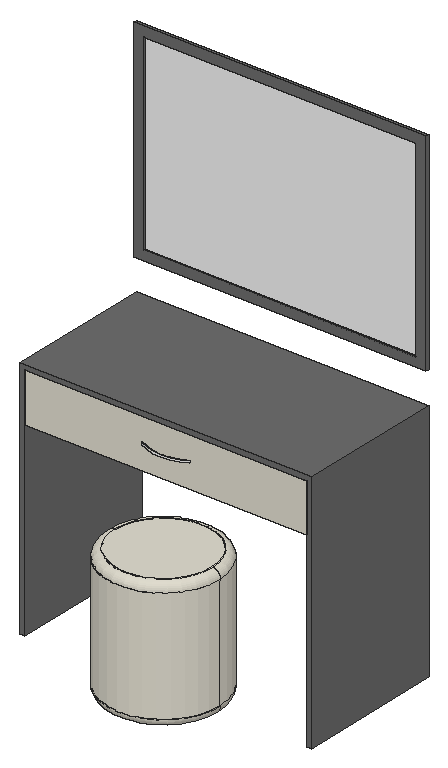
Revit family "Туалетный столик", category Мебель, Revit 2019
Family settings
  Номер OmniClass = 23.40.20.00
  Заголовок OmniClass = General Furniture and Specialties
  На основе рабочей плоскости = Нет
  Всегда вертикально = Да
  При загрузке вырезать с полостями = Нет
  Общий = Нет
  Точка расчета площади = Нет
Parameters
  Ширина [instance] = 900 mm
  Материал столик/пуф = Материал туалетный столик (пуф й столик)
  Материал корпус = Материал туалетный столик (корпус)
  Материал зеркало = Материал туалетный столик (зеркало)
  Изготовитель = "Литвинчук Артур"
  Глубина [instance] = 450 mm
  Высота шухляды [instance] = 150 mm
  Высота зеркала [instance] = 650 mm
  Высота [instance] = 750 mm
  URL = "lytvynchukartur@gmail.com"
  2 столика 2 ручки [instance] = no
  1 столик 2 ручки [instance] = no
  1 столик 1 ручка [instance] = yes
Reference planes
  plane 1 "По центру (Вперед/Назад)": y = 0
  plane 2: z = 0
  plane 3 "По центру (Влево/Вправо)": x = 0
  plane 4: x = 900
  plane 5: z = 750
  plane 6: x = 885
  plane 7: x = 15
  plane 8: z = 735
  plane 9: y = -450
  plane 10: y = -15
  plane 11: z = 585
  plane 12: y = -435
  plane 13: z = 600
  plane 14: x = 450
  plane 15: z = 850
  plane 16: z = 1500
  plane 17: z = 1470
  plane 18 "По центру Л/Р": x = 30
  plane 19: x = 870
  plane 20: z = 880
  plane 21: z = 485
  plane 22: y = -10
  plane 23 "По центру Л/С": y = -5
  plane 24: z = 660
  plane 25: z = 663
  plane 26: z = 657
  plane 27: x = 451
  plane 28: x = 449
  plane 29: x = 232
  plane 30: x = 668
Forms (mm)
  Extrusion 1, solid, material "Материал туалетный столик (корпус)" <- "Материал корпус"
    sketch origin (0, 0, 0) x (1, 0, 0) y (0, 0, 1)
      loop
        line (0, 0) -> (15, 0) -> (15, 735) -> (885, 735) -> (885, 0) -> (900, 0) -> (900, 750) -> (0, 750) -> (0, 0)
    from 0 to 450
  Extrusion 2, solid, material "Материал туалетный столик (корпус)" <- "Материал корпус"
    sketch origin (0, 0, 0) x (1, 0, 0) y (0, 0, 1)
      loop
        line (15, 600) -> (15, 585) -> (885, 585) -> (885, 600) -> (15, 600)
    from 15 to 435
  Extrusion 3, solid, material "Материал туалетный столик (пуф й столик)" <- "Материал столик/пуф", visible <- "1 столик 1 ручка"
    sketch origin (0, 0, 0) x (1, 0, 0) y (0, 0, 1)
      loop
        line (15, 585) -> (885, 585) -> (885, 735) -> (15, 735) -> (15, 585)
    from 435 to 450
  Extrusion 4, solid, material "Материал туалетный столик (корпус)" <- "Материал корпус"
    sketch origin (0, 0, 0) x (1, 0, 0) y (0, 0, 1)
      loop
        line (0, 1500) -> (0, 850) -> (900, 850) -> (900, 1500) -> (0, 1500)
      loop
        line (30, 1470) -> (30, 880) -> (870, 880) -> (870, 1470) -> (30, 1470)
    from 0 to 10
  Extrusion 5, solid, material "Материал туалетный столик (корпус)" <- "Материал корпус"
    sketch origin (100, 0, 0) x (1, 0, 0) y (0, 0, 1)
      loop
        line (-85, 735) -> (-85, 485) -> (785, 485) -> (785, 735) -> (-85, 735)
    from 0 to 15
  Extrusion 6, solid, material "Материал туалетный столик (зеркало)" <- "Материал зеркало"
    sketch origin (0, 0, 0) x (1, 0, 0) y (0, 0, 1)
      loop
        line (30, 1470) -> (30, 880) -> (870, 880) -> (870, 1470) -> (30, 1470)
    from 0 to 5
  Extrusion 7, solid, material "Материал туалетный столик (зеркало)", visible <- "1 столик 1 ручка"
    sketch origin (-229.859, 54.158, 0) x (1, 0, 0) y (0, 1, 0)
      loop
        arc (606.359, -504.158) -> (679.859, -525.001) -> (753.359, -504.158) r 140.016
        line (753.359, -504.158) -> (748.359, -504.158)
        arc (748.359, -504.158) -> (679.859, -522.644) -> (611.359, -504.158) r 136.155
        line (611.359, -504.158) -> (606.359, -504.158)
    from 657 to 663
  Extrusion 8, solid, material "Материал туалетный столик (пуф й столик)" <- "Материал столик/пуф", visible <- "1 столик 2 ручки"
    sketch origin (1050, 0, 0) x (1, 0, 0) y (0, 0, 1)
      loop
        line (-1035, 585) -> (-165, 585) -> (-165, 735) -> (-1035, 735) -> (-1035, 585)
    from 435 to 450
  Extrusion 9, solid, material "Материал туалетный столик (зеркало)", visible <- "1 столик 2 ручки"
    sketch origin (-447.859, 54.158, 0) x (1, 0, 0) y (0, 1, 0)
      loop
        arc (604.859, -504.158) -> (679.859, -525.794) -> (754.859, -504.158) r 140.809
        line (754.859, -504.158) -> (749.859, -504.158)
        arc (749.859, -504.158) -> (679.859, -523.405) -> (609.859, -504.158) r 136.916
        line (609.859, -504.158) -> (604.859, -504.158)
    from 657 to 663
  Extrusion 10, solid, material "Материал туалетный столик (зеркало)", visible <- "1 столик 2 ручки"
    sketch origin (1347.859, 54.158, 0) x (-1, 0, 0) y (0, -1, 0)
      loop
        line (604.859, 504.158) -> (609.859, 504.158)
        arc (609.859, 504.158) -> (679.859, 523.405) -> (749.859, 504.158) r 136.916
        line (749.859, 504.158) -> (754.859, 504.158)
        arc (754.859, 504.158) -> (679.859, 525.794) -> (604.859, 504.158) r 140.809
    from 657 to 663
  Extrusion 11, solid, material "Материал туалетный столик (пуф й столик)" <- "Материал столик/пуф", visible <- "2 столика 2 ручки"
    sketch origin (1050, 0, 0) x (1, 0, 0) y (0, 0, 1)
      loop
        line (-1035, 585) -> (-601, 585) -> (-601, 735) -> (-1035, 735) -> (-1035, 585)
    from 435 to 450
  Extrusion 12, solid, material "Материал туалетный столик (зеркало)", visible <- "2 столика 2 ручки"
    sketch origin (-448.609, 54.158, 0) x (1, 0, 0) y (0, 1, 0)
      loop
        arc (605.609, -504.158) -> (680.609, -525.794) -> (755.609, -504.158) r 140.809
        line (755.609, -504.158) -> (750.609, -504.158)
        arc (750.609, -504.158) -> (680.609, -523.405) -> (610.609, -504.158) r 136.916
        line (610.609, -504.158) -> (605.609, -504.158)
    from 657 to 663
  Extrusion 13, solid, material "Материал туалетный столик (зеркало)", visible <- "2 столика 2 ручки"
    sketch origin (1348.609, 54.158, 0) x (-1, 0, 0) y (0, -1, 0)
      loop
        line (605.609, 504.158) -> (610.609, 504.158)
        arc (610.609, 504.158) -> (680.609, 523.405) -> (750.609, 504.158) r 136.916
        line (750.609, 504.158) -> (755.609, 504.158)
        arc (755.609, 504.158) -> (680.609, 525.794) -> (605.609, 504.158) r 140.809
    from 657 to 663
  Extrusion 14, solid, material "Материал туалетный столик (пуф й столик)" <- "Материал столик/пуф", visible <- "2 столика 2 ручки"
    sketch origin (1487.5, 0, 0) x (1, 0, 0) y (0, 0, 1)
      loop
        line (-1036.5, 585) -> (-602.5, 585) -> (-602.5, 735) -> (-1036.5, 735) -> (-1036.5, 585)
    from 435 to 450
  Blend 15, solid, material "Материал туалетный столик (пуф й столик)" <- "Материал столик/пуф", not visible
    base sketch origin (0, 259.315, 0) x (1, 0, 0) y (0, 1, 0)
      loop
        circle (450, -759.422) r 150
    top sketch origin (0, 259.315, 0) x (1, 0, 0) y (0, 1, 0)
      loop
        circle (450, -759.422) r 175
    from 0 to 25
  Extrusion 16, solid, material "Материал туалетный столик (пуф й столик)" <- "Материал столик/пуф", not visible
    sketch origin (-1, 182.645, 0) x (1, 0, 0) y (0, 1, 0)
      loop
        circle (451, -682.755) r 175
    from 25 to 375
  Blend 17, solid, material "Материал туалетный столик (пуф й столик)" <- "Материал столик/пуф", not visible
    base sketch origin (0, 259.315, 375) x (0, -1, 0) y (1, 0, 0)
      loop
        circle (759.422, 450) r 150
    top sketch origin (0, 259.315, 375) x (0, -1, 0) y (1, 0, 0)
      loop
        circle (759.422, 450) r 175
    from 25 to 0
  Revolve 18, solid, material "Материал туалетный столик (пуф й столик)" <- "Материал столик/пуф", not visible
    sketch origin (0, -500.107, 45.506) x (1, 0, 0) y (0, 0, -1)
      loop
        arc (275, -329.494) -> (282.322, -347.172) -> (300, -354.494) r 25
        line (300, -354.494) -> (275, -329.494)
      axis (450, -354.494) -> (450, -329.494)
    angle from 0 to 360
  Revolve 19, solid, material "Материал туалетный столик (пуф й столик)" <- "Материал столик/пуф", not visible
    sketch origin (0, -500.107, 354.494) x (1, 0, 0) y (0, 0, -1)
      loop
        line (275, 329.494) -> (300, 354.494)
        arc (300, 354.494) -> (282.322, 347.172) -> (275, 329.494) r 25
      axis (450, 354.494) -> (450, 329.494)
    angle from 0 to 360
  Blend 20, solid, material "Материал туалетный столик (пуф й столик)" <- "Материал столик/пуф"
    base sketch origin (0, 299.315, 0) x (1, 0, 0) y (0, 1, 0)
      loop
        circle (450, -759.422) r 150
    top sketch origin (0, 299.315, 0) x (1, 0, 0) y (0, 1, 0)
      loop
        circle (450, -759.422) r 175
    from 0 to 25
  Extrusion 21, solid, material "Материал туалетный столик (пуф й столик)" <- "Материал столик/пуф"
    sketch origin (-1, 222.645, 0) x (1, 0, 0) y (0, 1, 0)
      loop
        circle (451, -682.755) r 175
    from 25 to 375
  Blend 22, solid, material "Материал туалетный столик (пуф й столик)" <- "Материал столик/пуф"
    base sketch origin (0, 299.315, 375) x (0, -1, 0) y (1, 0, 0)
      loop
        circle (759.422, 450) r 150
    top sketch origin (0, 299.315, 375) x (0, -1, 0) y (1, 0, 0)
      loop
        circle (759.422, 450) r 175
    from 25 to 0
  Revolve 23, solid, material "Материал туалетный столик (пуф й столик)" <- "Материал столик/пуф"
    sketch origin (0, -460.107, 45.506) x (1, 0, 0) y (0, 0, -1)
      loop
        arc (275, -329.494) -> (282.322, -347.172) -> (300, -354.494) r 25
        line (300, -354.494) -> (275, -329.494)
      axis (450, -354.494) -> (450, -329.494)
    angle from 0 to 360
  Revolve 24, solid, material "Материал туалетный столик (пуф й столик)" <- "Материал столик/пуф"
    sketch origin (0, -460.107, 354.494) x (1, 0, 0) y (0, 0, -1)
      loop
        line (275, 329.494) -> (300, 354.494)
        arc (300, 354.494) -> (282.322, 347.172) -> (275, 329.494) r 25
      axis (450, 354.494) -> (450, 329.494)
    angle from 0 to 360
Dimensions and locks
  "Ширина": plane 4 to plane 3 "По центру (Влево/Вправо)"
  "Высота": plane 5 to plane 2
  locked: plane 3 "По центру (Влево/Вправо)" to plane 7 at 15
  locked: plane 6 to plane 4 at 15
  locked: plane 5 to plane 8 at 15
  "Глубина": plane 1 "По центру (Вперед/Назад)" to plane 9
  "Высота шухляды": plane 8 to plane 11
  locked: plane 12 to plane 9 at 15
  locked: plane 13 to plane 11 at 15
  equal spacing: plane 4, plane 14, plane 3 "По центру (Влево/Вправо)"
  locked: plane 15 to plane 5 at 100
  "Высота зеркала": plane 16 to plane 15
  locked: plane 18 "По центру Л/Р" to plane 3 "По центру (Влево/Вправо)" at 30
  locked: plane 19 to plane 4 at 30
  locked: plane 16 to plane 17 at 30
  locked: plane 20 to plane 15 at 30
  locked: plane 11 to plane 21 at 100
  plane 10 to plane 22 to plane 23 "По центру Л/С" to plane 1 "По центру (Вперед/Назад)" = 5 mm locked, 5 mm locked, 5 mm locked
  equal spacing: plane 8, plane 24, plane 11
  plane 25 to plane 24 to plane 26 = 3 mm locked, 3 mm locked
  plane 14 to Extrusion 7 = 73.5 mm
  equal spacing: plane 28, plane 29, plane 7
  equal spacing: plane 27, plane 30, plane 6
  locked: plane 29 to Extrusion 9 at 75
  locked: plane 30 to Extrusion 10 at 75
  plane 28 to plane 14 to plane 27 = 1 mm locked, 1 mm locked
  locked: Extrusion 12 to plane 29 at 75
  locked: Extrusion 13 to plane 30 at 75
  locked: plane 14 to Revolve 23 at 150
  locked: plane 9 to Revolve 23 at 160.107
  aligned and locked: level to plane 2
  aligned and locked: plane 3 "По центру (Влево/Вправо)" to Extrusion 1 sketch curve
  aligned and locked: Extrusion 1 sketch curve to plane 5
  aligned and locked: plane 4 to Extrusion 1 sketch curve
  aligned and locked: plane 2 to Extrusion 1 sketch curve  (x2)
  aligned and locked: plane 7 to Extrusion 1 sketch curve
  aligned and locked: plane 8 to Extrusion 1 sketch curve
  aligned and locked: Extrusion 1 sketch curve to plane 6
  aligned and locked: Extrusion 1 to plane 1 "По центру (Вперед/Назад)"
  aligned and locked: Extrusion 1 to plane 9
  aligned and locked: Extrusion 2 to plane 11
  aligned and locked: plane 13 to Extrusion 2
  aligned and locked: Extrusion 2 to plane 6
  aligned and locked: plane 7 to Extrusion 2
  aligned and locked: plane 10 to Extrusion 2
  aligned and locked: Extrusion 2 to plane 12
  aligned and locked: Extrusion 3 sketch curve to plane 7
  aligned and locked: plane 6 to Extrusion 3 sketch curve
  aligned and locked: plane 12 to Extrusion 3
  aligned and locked: plane 8 to Extrusion 3
  aligned and locked: Extrusion 4 to plane 3 "По центру (Влево/Вправо)"
  aligned and locked: plane 16 to Extrusion 4
  aligned and locked: Extrusion 4 to plane 4
  aligned and locked: Extrusion 4 to plane 15
  aligned and locked: plane 20 to Extrusion 4
  aligned and locked: plane 19 to Extrusion 4
  aligned and locked: Extrusion 4 to plane 17
  aligned and locked: plane 18 "По центру Л/Р" to Extrusion 4
  aligned and locked: Extrusion 4 to plane 1 "По центру (Вперед/Назад)"
  aligned and locked: Extrusion 5 to plane 21
  aligned and locked: plane 8 to Extrusion 5
  aligned and locked: Extrusion 5 to plane 6
  aligned and locked: plane 7 to Extrusion 5
  aligned and locked: Extrusion 3 to plane 9
  aligned and locked: Extrusion 4 to plane 22
  aligned and locked: Extrusion 6 to plane 18 "По центру Л/Р"
  aligned and locked: Extrusion 6 to plane 19
  aligned and locked: plane 17 to Extrusion 6
  aligned and locked: Extrusion 6 to plane 20
  aligned and locked: Extrusion 6 to plane 1 "По центру (Вперед/Назад)"
  aligned and locked: plane 23 "По центру Л/С" to Extrusion 6
  aligned and locked: Extrusion 7 to plane 26
  aligned and locked: plane 25 to Extrusion 7
  aligned and locked: plane 7 to Extrusion 8
  aligned and locked: Extrusion 8 to plane 6
  aligned and locked: Extrusion 8 to plane 11
  aligned and locked: plane 8 to Extrusion 8
  aligned and locked: Extrusion 9 to plane 26
  aligned and locked: plane 25 to Extrusion 9
  aligned and locked: Extrusion 10 to plane 26
  aligned and locked: plane 25 to Extrusion 10
  aligned and locked: Extrusion 11 sketch curve to plane 28
  aligned and locked: Extrusion 11 sketch curve to plane 8
  aligned and locked: Extrusion 11 sketch curve to plane 7
  aligned and locked: plane 11 to Extrusion 11 sketch curve
  aligned and locked: plane 8 to Extrusion 14
  aligned and locked: Extrusion 14 to plane 6
  aligned and locked: plane 27 to Extrusion 14
  aligned and locked: Extrusion 14 to plane 11
  aligned and locked: plane 25 to Extrusion 12
  aligned and locked: Extrusion 12 to plane 26
  aligned and locked: plane 25 to Extrusion 13
  aligned and locked: Extrusion 13 to plane 26
  aligned and locked: plane 12 to Extrusion 11
  aligned and locked: Extrusion 11 to plane 9
  aligned and locked: plane 12 to Extrusion 14
  aligned and locked: Extrusion 14 to plane 9
  aligned and locked: plane 12 to Extrusion 8
  aligned and locked: Extrusion 8 to plane 9
Automatic sketch dimensions
  Revolve 18 sketch curve to Revolve 18 sketch curve = 25 mm
  Revolve 18 sketch curve to Revolve 18 sketch curve = 21.161 mm
  Revolve 18 sketch curve to Revolve 18 sketch curve = 150 mm
  Revolve 18 sketch curve to Revolve 18 sketch curve = 7.186 mm
  Revolve 19 sketch curve to Revolve 19 sketch curve = 25 mm
  Revolve 19 sketch curve to Revolve 19 sketch curve = 150 mm
  Revolve 19 sketch curve to Revolve 19 sketch curve = 11.025 mm
  Revolve 19 sketch curve to Revolve 19 sketch curve = 21.161 mm
  Revolve 23 sketch curve to Revolve 23 sketch curve = 25 mm
  Revolve 23 sketch curve to Revolve 23 sketch curve = 21.161 mm
  Revolve 23 sketch curve to Revolve 23 sketch curve = 150 mm
  Revolve 23 sketch curve to Revolve 23 sketch curve = 7.186 mm
  Revolve 24 sketch curve to Revolve 24 sketch curve = 25 mm
  Revolve 24 sketch curve to Revolve 24 sketch curve = 150 mm
  Revolve 24 sketch curve to Revolve 24 sketch curve = 11.025 mm
  Revolve 24 sketch curve to Revolve 24 sketch curve = 21.161 mm
  plane 7 to Extrusion 2 sketch curve = 0 mm
  plane 6 to Extrusion 2 sketch curve = 0 mm
  Extrusion 2 sketch curve to plane 11 = 0 mm
  Extrusion 2 sketch curve to plane 13 = 0 mm
  Extrusion 3 sketch curve to plane 11 = 0 mm
  Extrusion 3 sketch curve to plane 8 = 0 mm
  Extrusion 4 sketch curve to plane 3 "По центру (Влево/Вправо)" = 0 mm
  Extrusion 4 sketch curve to plane 17 = 0 mm
  Extrusion 4 sketch curve to plane 18 "По центру Л/Р" = 0 mm
  plane 19 to Extrusion 4 sketch curve = 0 mm
  plane 4 to Extrusion 4 sketch curve = 0 mm
  Extrusion 4 sketch curve to plane 15 = 0 mm
  Extrusion 4 sketch curve to plane 20 = 0 mm
  Extrusion 4 sketch curve to plane 16 = 0 mm
  plane 7 to Extrusion 5 sketch curve = 0 mm
  plane 6 to Extrusion 5 sketch curve = 0 mm
  Extrusion 5 sketch curve to plane 21 = 0 mm
  Extrusion 5 sketch curve to plane 8 = 0 mm
  Extrusion 6 sketch curve to plane 18 "По центру Л/Р" = 0 mm
  plane 19 to Extrusion 6 sketch curve = 0 mm
  Extrusion 6 sketch curve to plane 20 = 0 mm
  Extrusion 6 sketch curve to plane 17 = 0 mm
  Extrusion 7 sketch curve to plane 9 = 0 mm  (x2)
  Extrusion 7 sketch curve to plane 14 = 0 mm  (x2)
  Extrusion 7 sketch curve to plane 28 = 67.5 mm
  Extrusion 7 sketch curve to Extrusion 7 sketch curve = 5 mm
  plane 12 to Extrusion 7 sketch curve = 102.669 mm
  Extrusion 7 sketch curve to Extrusion 7 sketch curve = 1.504 mm
  plane 7 to Extrusion 8 sketch curve = 0 mm
  plane 6 to Extrusion 8 sketch curve = 0 mm
  Extrusion 8 sketch curve to plane 11 = 0 mm
  Extrusion 8 sketch curve to plane 8 = 0 mm
  Extrusion 9 sketch curve to plane 9 = 0 mm  (x2)
  Extrusion 9 sketch curve to plane 29 = 0 mm  (x2)
  Extrusion 9 sketch curve to plane 29 = 70 mm
  Extrusion 9 sketch curve to Extrusion 9 sketch curve = 5 mm
  plane 12 to Extrusion 9 sketch curve = 102.669 mm
  Extrusion 9 sketch curve to Extrusion 9 sketch curve = 1.504 mm
  Extrusion 10 sketch curve to plane 9 = 0 mm  (x2)
  Extrusion 10 sketch curve to plane 30 = 0 mm  (x2)
  plane 30 to Extrusion 10 sketch curve = 70 mm
  Extrusion 10 sketch curve to Extrusion 10 sketch curve = 5 mm
  Extrusion 10 sketch curve to plane 12 = 102.669 mm
  Extrusion 10 sketch curve to Extrusion 10 sketch curve = 1.504 mm
  Extrusion 12 sketch curve to plane 9 = 0 mm  (x2)
  Extrusion 12 sketch curve to plane 29 = 0 mm  (x2)
  Extrusion 12 sketch curve to plane 29 = 70 mm
  Extrusion 12 sketch curve to Extrusion 12 sketch curve = 5 mm
  plane 12 to Extrusion 12 sketch curve = 102.669 mm
  Extrusion 12 sketch curve to Extrusion 12 sketch curve = 1.504 mm
  Extrusion 13 sketch curve to plane 9 = 0 mm  (x2)
  Extrusion 13 sketch curve to plane 30 = 0 mm  (x2)
  plane 30 to Extrusion 13 sketch curve = 70 mm
  Extrusion 13 sketch curve to Extrusion 13 sketch curve = 5 mm
  Extrusion 13 sketch curve to plane 12 = 102.669 mm
  Extrusion 13 sketch curve to Extrusion 13 sketch curve = 1.504 mm
  Extrusion 14 sketch curve to plane 8 = 0 mm
  plane 27 to Extrusion 14 sketch curve = 0 mm
  plane 6 to Extrusion 14 sketch curve = 0 mm
  Extrusion 14 sketch curve to plane 11 = 0 mm
  radius of Blend 15 sketch curve = 150 mm
  radius of Blend 15 sketch curve = 175 mm
  radius of Extrusion 16 sketch curve = 175 mm
  radius of Blend 17 sketch curve = 150 mm
  radius of Blend 17 sketch curve = 175 mm
  radius of Blend 20 sketch curve = 150 mm
  radius of Blend 20 sketch curve = 175 mm
  radius of Extrusion 21 sketch curve = 175 mm
  radius of Blend 22 sketch curve = 150 mm
  radius of Blend 22 sketch curve = 175 mm
